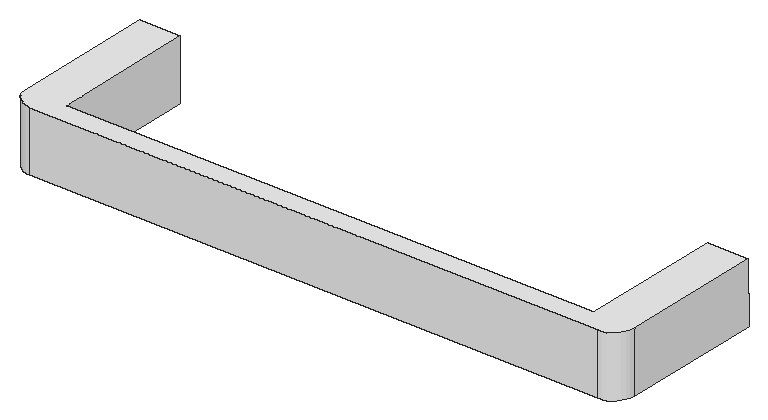
Revit family "Spec Equip_TowelRail_Argent_Mondrian Neu 300mm", category Specialty Equipment, Revit 2016
Family settings
  Part Type = Normal
  Round Connector Dimension = Use Diameter
  OmniClass Number = 23.40.20.21
  OmniClass Title = Toilet and Bath Specialties
  Work Plane-Based = No
  Always vertical = Yes
  Cut with Voids When Loaded = Yes
  Shared = No
  Room Calculation Point = No
Parameters (values of type "Chrome")
  Waste Connection = no
  WFU = 0
  Vent Connection = no
  URL = "https://www.argentaust.com.au/"
  Type Comments = "Chrome Finish"
  ModifiedIssue_ANZRS = 20190423
  Model = "AR93612"  # constant formula
  Manufacturer_URL__Product Specific = "https://www.argentaust.com.au/argent-accessories-towel-rails-mondrian-neu-300mm-towel-rail?item=9915"
  Manufacturer_Spec Code = Model  # "AR93612"
  Manufacturer_Overall Width = 300 mm  # constant formula
  Manufacturer_Overall Height = 30 mm  # constant formula
  Manufacturer_Overall Depth = 80 mm  # constant formula
  Manufacturer_Height From FFL [instance] = 1050 mm
  Manufacturer = "Argent"  # constant formula
  Keynote = ""
  HWFU = 0
  HW Connection = no
  Description = "Mondrian Neu 300mm Towel Rail"  # constant formula
  CreatedBy_ANZRS = "IGS BIM Solutions"  # constant formula
  CreatedByURL_ANZRS = "https://igsgroup.com.au/"
  Cost = 0
  CWFU = 0
  CW Connection = no
  Body Material = z_Argent_Chrome
  Assembly Code = ""
Reference planes
  plane 1 "Ref. Level": z = 0
  plane 2 "Center (Left/Right)": x = -4.48
  plane 3 "Left": x = -154.48
  plane 4 "Right": x = 145.52
  plane 5 "Center (Front/Back)": y = -400.5
  plane 6 "Back": y = -360.5
  plane 7 "Bottom": z = 1035
  plane 8 "Front": y = -440.5
  plane 9 "Top": z = 1065
  plane 10 "Left Offset": x = -134.48
  plane 11 "Right Offset": x = 125.52
  plane 12 "Center elevation": z = 1050
Forms (mm)
  Extrusion 1, solid, material "z_Argent_Chrome" <- "Body Material"
    sketch origin (-189.564, -1524, 1035) x (0, -1, 0) y (1, 0, 0)
      loop
        line (-1163.5, 35.084) -> (-1093.5, 35.084)
        arc (-1093.5, 35.084) -> (-1086.429, 38.013) -> (-1083.5, 45.084) r 10
        line (-1083.5, 45.084) -> (-1083.5, 55.084) -> (-1163.5, 55.084) -> (-1163.5, 35.084)
    from 0 to -30
  Extrusion 2, solid, material "z_Argent_Chrome" <- "Body Material"
    sketch origin (180.604, -1524, 1035) x (0, 1, 0) y (-1, 0, 0)
      loop
        line (1163.5, 35.084) -> (1163.5, 55.084) -> (1083.5, 55.084) -> (1083.5, 45.084)
        arc (1083.5, 45.084) -> (1086.429, 38.013) -> (1093.5, 35.084) r 10
        line (1093.5, 35.084) -> (1163.5, 35.084)
    from 0 to -30
  Extrusion 3, solid, material "z_Argent_Chrome" <- "Body Material"
    sketch origin (-189.564, -1524, 1035) x (0, -1, 0) y (1, 0, 0)
      loop
        line (-1083.5, 315.084) -> (-1093.5, 315.084) -> (-1093.5, 55.084) -> (-1083.5, 55.084) -> (-1083.5, 315.084)
    from 0 to -30
Cuts and joins
  joined: Extrusion 1, Extrusion 2, Extrusion 3
Lines and regions (mm)
  Masking region 1
    outline origin (0, 0, 1065) x (0, 1, 0) y (-1, 0, 0)
      loop
        line (-360.5, 154.48) -> (-430.5, 154.48)
        arc (-430.5, 154.48) -> (-437.571, 151.551) -> (-440.5, 144.48) r 10
        line (-440.5, 144.48) -> (-440.5, -135.52)
        arc (-440.5, -135.52) -> (-437.571, -142.591) -> (-430.5, -145.52) r 10
        line (-430.5, -145.52) -> (-360.5, -145.52) -> (-360.5, -125.52) -> (-430.5, -125.52) -> (-430.5, 134.48) -> (-360.5, 134.48) -> (-360.5, 154.48)
  Masking region 2
    outline origin (0, -440.5, 0) x (0, 0, 1) y (-1, 0, 0)
      loop
        line (1065, 154.48) -> (1035, 154.48) -> (1035, -145.52) -> (1065, -145.52) -> (1065, 154.48)
  Masking region 3
    outline origin (145.52, 0, 0) x (0, 1, 0) y (0, 0, 1)
      loop
        line (-360.5, 1035) -> (-360.5, 1065) -> (-440.5, 1065) -> (-440.5, 1035) -> (-360.5, 1035)
Text (mm)
  text "Disclaimer:\n\nDue to ongoing product development and manufacturing evolution, product details are subject to change without notice. Please refer to product technical data sheets on the manufacturer’s website for the most current product information. Please allow a +/- 5mm manufacturing tolerance for dimensions and set-outs shown in product literature." at (372.754, -314.392, 0), in view "Ref. Level_Instruction"
Dimensions and locks
  "Manufacturer_Overall Height": plane 9 "Top" to plane 7 "Bottom"
  equal spacing: plane 3 "Left", plane 2 "Center (Left/Right)", plane 4 "Right"
  "Manufacturer_Overall Width": plane 3 "Left" to plane 4 "Right"
  "Manufacturer_Overall Depth": plane 8 "Front" to plane 6 "Back"
  equal spacing: plane 8 "Front", plane 5 "Center (Front/Back)", plane 6 "Back"
  locked: plane 3 "Left" to plane 10 "Left Offset" at 20
  locked: plane 11 "Right Offset" to plane 4 "Right" at 20
  equal spacing: plane 9 "Top", plane 12 "Center elevation", plane 7 "Bottom"
  "Manufacturer_Height From FFL": plane 12 "Center elevation" to plane 1 "Ref. Level"
  aligned and locked: Extrusion 1 sketch curve to plane 3 "Left"
  aligned and locked: Extrusion 1 sketch curve to plane 10 "Left Offset"
  aligned and locked: Extrusion 1 sketch curve to plane 6 "Back"
  aligned and locked: Extrusion 1 sketch curve to plane 8 "Front"
  aligned and locked: Extrusion 1 to plane 9 "Top"
  aligned and locked: plane 6 "Back" to Extrusion 2 sketch curve
  aligned and locked: plane 11 "Right Offset" to Extrusion 2 sketch curve
  aligned and locked: Extrusion 2 sketch curve to plane 4 "Right"
  aligned and locked: plane 8 "Front" to Extrusion 2 sketch curve
  aligned and locked: Extrusion 3 sketch curve to plane 8 "Front"
  aligned and locked: Extrusion 3 sketch curve to plane 10 "Left Offset"
  aligned and locked: plane 11 "Right Offset" to Extrusion 3 sketch curve
  aligned and locked: Extrusion 3 to plane 9 "Top"
  aligned and locked: plane 3 "Left" to Masking region 1 sketch curve
  aligned and locked: plane 6 "Back" to Masking region 1 sketch curve
  aligned and locked: plane 10 "Left Offset" to Masking region 1 sketch curve
  aligned and locked: plane 8 "Front" to Masking region 1 sketch curve
  aligned and locked: Masking region 2 sketch curve to plane 3 "Left"
  aligned and locked: Masking region 2 sketch curve to plane 4 "Right"
  aligned and locked: Masking region 3 sketch curve to plane 7 "Bottom"
  aligned and locked: plane 6 "Back" to Masking region 3 sketch curve
  aligned and locked: plane 8 "Front" to Masking region 3 sketch curve
  aligned and locked: plane 9 "Top" to Masking region 3 sketch curve
Automatic sketch dimensions
  plane 8 "Front" to Extrusion 1 sketch curve = 10 mm
  plane 4 "Right" to Extrusion 2 sketch curve = 10 mm
  plane 8 "Front" to Extrusion 3 sketch curve = 10 mm
  Masking region 1 sketch curve to plane 11 "Right Offset" = 0 mm
  Masking region 1 sketch curve to plane 4 "Right" = 0 mm
  Masking region 1 sketch curve to plane 6 "Back" = 0 mm
  Masking region 1 sketch curve to plane 8 "Front" = 10 mm  (x2)
  Masking region 1 sketch curve to Masking region 1 sketch curve = 0 mm
  plane 9 "Top" to Masking region 2 sketch curve = 0 mm
  Masking region 2 sketch curve to plane 7 "Bottom" = 0 mm
